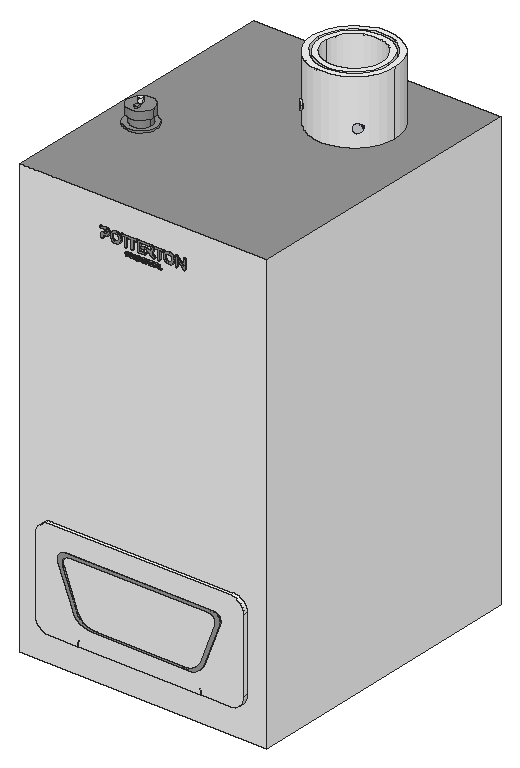
Revit family "Paramount_Five_115kW", category Mechanical Equipment, Revit 2020
Family settings
  Round Connector Dimension = Use Diameter
  Part Type = Normal
  OmniClass Number = 23.75.00.00
  OmniClass Title = Climate Control (HVAC)
  Work Plane-Based = No
  Always vertical = Yes
  Cut with Voids When Loaded = No
  Shared = No
  Room Calculation Point = No
Parameters
  top of display 2 = 198.48 mm
  top of display 1 = 210.9 mm
  cover right = 37.2 mm
  ridge at bottom of cover = 65.3 mm
  height from the floor [instance] = 1000 mm
  flue centre from side = 163 mm
  flue centre from back = 152 mm
  cover left = 37.2 mm
  control cover top = 248.1 mm
  bottom of display 2 = 90.97 mm
  bottom of display 1 = 99.2 mm
  bottom of cover = 53.8 mm
  _DistributedBy = ""
  _CurrentRevision = 0
  _CreatedBy = "http://www.pottertoncommercial.co.uk/"
  _BimstoreBibleVersion = ""
  _BimSpecGuid = 0
  _Author = "Hugo Opatovsky"  # constant formula
  Weekly = ""
  Water Treatment Required = yes
  Water Content = 0.006 m³
  WarrantyStartDate = ""
  WarrantyGuarantorParts = ""
  WarrantyGuarantorLabor = ""
  WarrantyDurationUnit = ""
  WarrantyDurationParts = ""
  WarrantyDurationLabor = ""
  WarrantyDescription = ""
  Warranty ID = ""
  Voltage = 230 V
  Uniclass2015 = "Pr_60_60_08"  # constant formula
  URL = "http://www.potterton.co.uk/"
  TypeName = ""
  Type Comments = ""
  Type = "Space heating"
  Turndown Ratio = "4.5:1"
  TagNumber = ""
  Supply Phase = 1
  Starting Current = 0 A
  SpareParts = ""
  Sound Pressure Level = "60 dBA"
  Size = ""
  Shipping Weight = 0.00 kg
  Shape = "Rectangular (Vertical)"
  Service Zone Dimensions [instance] = 0 mm
  Service Zone [instance] = yes
  SerialNumber = ""
  Safety Valve Connection Type = ""
  Safety Valve Connection Size = 0 mm
  Responsible Sourcing of Materials = ""
  Responsible Extraction of Materials = ""
  ReplacementCost = ""
  ReferencedStandard = ""
  Reference Standard = "EU/2016/426 GAR,  92/42/EEC"
  Rated Output = 119300 W
  Rated Criteria = "50/30"
  Quarterly = ""
  ProductionYear = ""
  Product Range = "Paramount Five 115kW"
  Product Model Number = "7702496"
  Product Literature = "https://www.pottertoncommercial.co.uk/literature-library"
  Primary Fuel = "Gas - NG"
  Overall Width = 480 mm
  Overall Length = 570 mm
  Overall Height = 852 mm
  Optional Fuel = "Gas - LPG"
  Operation and Maintenance Manual = "https://www.pottertoncommercial.co.uk/literature-library"
  Oil Consumption rate = 0.0 L/s
  NominalLength = 0 mm
  NominalHeight = 0 mm
  NominalDepth = 0 mm
  Nominal Oil Inlet Pressure = 0.0 Pa
  Nominal Gas Inlet Pressure = 1700.0 Pa
  NOx Emissions = 30
  NBSReference = "90-40-05/340"  # constant formula
  NBSOfficeMasterTag = ""
  NBSObjectName = ""
  NBSNote = ""
  NBSDescription = "Gas Fired Condensing Boiler"  # constant formula
  Mounting = "Wall Mounted"
  Monthly = ""
  ModelReference = ""
  ModelNumber = ""
  Minimum Power Consumption = 0 W
  Minimum Operating Pressure = 100000.0 Pa
  Minimum Oil Inlet Pressure = 0.0 Pa
  Minimum Gas Inlet Pressure = 1700.0 Pa
  Minimum Flow Rate at 20C temperature differential = 1.34 L/s
  Minimum Flow Rate at 11C temperature differential = 2.43 L/s
  Maximum Power Consumption = 200 W
  Maximum Operating Pressure = 400000.0 Pa
  Maximum Oil Inlet Pressure = 0.0 Pa
  Maximum Gas Inlet Pressure = 2500.0 Pa
  Material Ingredient Reporting = ""
  Material = ""
  ManufacturerName = "Potterton"  # constant formula
  Manufacturer Website = "https://www.pottertoncommercial.co.uk/"
  Manufacturer = "Potterton Commercial"  # constant formula
  Maintenance Required 8001 to 12000hrs = ""
  Maintenance Required 601 to 1000hrs = ""
  Maintenance Required 4001 to 8000hrs = ""
  Maintenance Required 301 to 600hrs = ""
  Maintenance Required 2001 to 4000hrs = ""
  Maintenance Required 1001 to 2000hrs = ""
  Maintenance Required 0 to 300hrs = ""
  Location of Manufacturer = ""
  Life Cycle Analysis = 0
  Keynote = "T32"
  Interlocks = yes
  InstallationDate = "please record on commissioning"
  IfcExportType = "NOTDEFINED"  # constant formula
  IfcExportAs = "IfcBoilerType"  # constant formula
  IP Rating Electrical Enclosure = ""
  IK Rating Electrical Enclosure = "X4D"
  Hydraulic Resistance at 20C temperature differential = 17800.0 Pa
  Hydraulic Resistance at 11C temperature differential = 55900.0 Pa
  Heating Return = 0 mm
  Heating Flow = 0 mm
  Heater Operation = "Condensing"
  Heat Exchanger Material = "Aluminium"
  Gross Weight = 84.00 kg
  Green Guide for Specification = ""
  Grade = ""
  Gas, F&R Centre = 80 mm
  Gas Flow = 0 mm
  Gas Consumption rate = 12.2
  Fuse Rating = 5 A
  Full Load Current = 0 A
  Fuel Connection Type = "Threaded"
  Fuel Connection Size = 25 mm
  Frequency = 50 Hz
  Flue or Air Intake Classification = "B23,B23P,B33, C13X, C33X,C43X,C53,C53X, C63X,C83,C93X"
  Flue Connection size = 110 mm
  Flow and Return Connection Type = "Threaded"
  Flow and Return Connection Size = 40 mm
  Finish = "Powder coated"
  Features = "The new generation Paramount Five is a wall hung condensing gas boiler that's meticulously design using the latest tried and tested technology to maximise efficiency. Manufactured to the latest ISO standards, all outputs exceed the requirements of Building Regulations Part L, delivering exceptional energy efficiency and ultra low NOX emissions"
  Extidentifier = ""
  External Material = "Steel"
  ExpectedLife = 15
  Expected Life = 15
  ErP Seasonal Efficiency = 0
  ErP Rated Efficiency at Part Load = 97.8
  ErP Rated Efficiency at Full Load = 93.5
  ErP Energy Label = "0"
  Environmental Product Declaration = ""
  Energy Technology List = ""
  Embodied Carbon = 0
  DurationUnit = "Years"
  Drain Connection Type = ""
  Drain Connection Size = 0 mm
  DocumentationTechnical = ""
  DocumentationMaintenance = ""
  DocumentationLiterature = ""
  DocumentationInstallationGuide = ""
  DocumentationCertificates = ""
  Default Elevation = 0 mm
  Daily = ""
  CreatedOn = ""
  CreatedBy = ""
  Control Type = "0 - 10V, Volt free enable, Direct boiler weather compensating control system. Modbus & BACNet available from Potterton"
  Constituents = ""
  Configuration = "Single boiler"
  Condensate Out = 0 mm
  Condensate Drain Type = "Plain"
  Condensate Drain Size = 25 mm
  Condensate Centre = 50 mm
  Colour = "BDR White (no RAL number)"
  Color = ""
  CodePerformance = ""
  Clearance zone [instance] = yes
  ClassificationValue = "Pr_60_60_08_34"  # constant formula
  ClassificationName = "Uniclass2015"  # constant formula
  CE Mark = "0085BL0514"
  Burner Control Type = "Modulating"
  Building Regulations Seasonal Efficiency = 95.7
  Bespoke Timeframe = ""
  BarCode = ""
  BMS Links = yes
  BIMObjectName = ""
  AssetType = "Fixed"  # constant formula
  AssetIdentifier = ""
  Assembly Code = "D3020100"
  Annually = "As per attached URL O & M Manual"
  Air Inlet Connection Size = 160 mm
  Additional Technical Details = ""
  AccessibilityPerformance = ""
  Access Clearance Top = 400 mm
  Access Clearance Right = 20 mm
  Access Clearance Rear = 0 mm
  Access Clearance Left = 20 mm
  Access Clearance Front = 600 mm
  Access Clearance Bottom = 500 mm
  6 Monthly = ""
Reference planes
  plane 1 "Center (Front/Back)": y = 0
  plane 2: z = 0
  plane 3 "Center (Left/Right)": x = 0
  plane 4 "Boiler left": x = -240
  plane 5 "Boiler right": x = 240
  plane 6 "Boiler Bottom": z = 1000
  plane 7 "Boiler top": z = 1852
  plane 8 "Boiler front": y = -570
  plane 9: y = -152
  plane 10: x = 77
  plane 11 "control cover top": z = 1248.1
  plane 12 "top of display": z = 1210.9
  plane 13 "top of display 2": z = 1198.48
  plane 14 "bottom of display 1": z = 1099.2
  plane 15 "bottom of display 2": z = 1090.97
  plane 16 "ridge at bottom of cover": z = 1065.3
  plane 17 "bottom of cover": z = 1053.8
  plane 18: x = -202.8
  plane 19: x = 202.8
  plane 20 "rid lip left": x = -120
  plane 21 "rid lip right": x = 120
  plane 22: x = -165.4
  plane 23: x = 165.4
  plane 24: y = -356.789
  plane 25: x = -175.275
  plane 26 "PRV - bottom of top": z = 1871
  plane 27 "PRV bottom ridge": z = 1871
  plane 28 "PRV - Top ridge": z = 1886
  plane 29 "PRV - Top of Hexagon": z = 1888
  plane 30 "Back connection": y = -50
  plane 31 "Front connections": y = -80
  plane 32: x = -189
  plane 33: x = -130
  plane 34: x = 130
  plane 35: x = 0
  plane 36: z = 1020
  plane 37: z = 1826.432
  plane 38: z = 1851
  plane 39 "PRV - Bottom of cap": z = 1890
  plane 40 "Boiler bottom lip": z = 980
  plane 41 "Boiler top lip": z = 1871
  plane 42 "front of cover": y = -580
  plane 43 "clearance left": x = -260
  plane 44 "clearance bottom": z = 480
  plane 45 "clearance right": x = 260
  plane 46 "clearance top": z = 2271
  plane 47 "clearance front": y = -1170
  plane 48: y = -268.8
  plane 49: y = -239.8
  plane 50: x = -82.87
  plane 51: x = -66.3
  plane 52: x = -53.9
  plane 53: x = -37.38
  plane 54: x = -20.8
  plane 55: x = -6.8
  plane 56: x = 9
  plane 57: x = 23
  plane 58: x = 40
  plane 59: x = -99.4
  plane 60: x = 53.6
Forms (mm)
  Extrusion 1, solid, material "Baxi Boiler White"
    sketch origin (0, 0, 1000) x (-1, 0, 0) y (0, -1, 0)
      loop
        line (240, 0) -> (240, 570) -> (-240, 570) -> (-240, 0) -> (240, 0)
    from 0 to 852
  Extrusion 2, solid, material "Default"
    sketch origin (-0.562, -570, 0.519) x (-1, 0, 0) y (0, 0, 1)
      loop
        line (177.8, 1248.1) -> (-177.8, 1248.1)
        arc (-177.8, 1248.1) -> (-195.478, 1240.778) -> (-202.8, 1223.1) r 25
        line (-202.8, 1223.1) -> (-202.8, 1078.8)
        arc (-202.8, 1078.8) -> (-195.478, 1061.122) -> (-177.8, 1053.8) r 25
        line (-177.8, 1053.8) -> (177.8, 1053.8)
        arc (177.8, 1053.8) -> (195.478, 1061.122) -> (202.8, 1078.8) r 25
        line (202.8, 1078.8) -> (202.8, 1223.1)
        arc (202.8, 1223.1) -> (195.478, 1240.778) -> (177.8, 1248.1) r 25
    from 0 to -8
  Extrusion 3, void
    sketch origin (-0.562, -570, 0.519) x (-1, 0, 0) y (0, 0, 1)
      loop
        arc (120, 1060.3) -> (118.536, 1063.836) -> (115, 1065.3) r 5
        line (115, 1065.3) -> (-115, 1065.3)
        arc (-115, 1065.3) -> (-118.536, 1063.836) -> (-120, 1060.3) r 5
        line (-120, 1060.3) -> (-120, 1057.684) -> (-119, 1057.684) -> (-119, 1060.3)
        arc (-119, 1060.3) -> (-117.828, 1063.128) -> (-115, 1064.3) r 4
        line (-115, 1064.3) -> (115, 1064.3)
        arc (115, 1064.3) -> (117.828, 1063.128) -> (119, 1060.3) r 4
        line (119, 1060.3) -> (119, 1057.684) -> (120, 1057.684) -> (120, 1060.3)
      loop
        line (119, 1053.8) -> (120, 1053.8) -> (120, 1057.05) -> (119, 1057.05) -> (119, 1053.8)
      loop
        line (-120, 1053.8) -> (-119, 1053.8) -> (-119, 1057.05) -> (-120, 1057.05) -> (-120, 1053.8)
    from 0 to -8
  Extrusion 4, solid, material "Default"
    sketch origin (0.722, -580, -0.85) x (0, 0, 1) y (-1, 0, 0)
      loop
        arc (1211.419, 144.245) -> (1204.944, 156.587) -> (1191.109, 158.273) r 15
        line (1191.109, 158.273) -> (1117.328, 130.343)
        arc (1117.328, 130.343) -> (1098.577, 115.667) -> (1091.489, 92.934) r 40
        line (1091.489, 92.934) -> (1091.489, -96.81)
        arc (1091.489, -96.81) -> (1098.739, -117.534) -> (1117.328, -129.219) r 33.245
        line (1117.328, -129.219) -> (1191.109, -157.149)
        arc (1191.109, -157.149) -> (1204.944, -155.463) -> (1211.419, -143.121) r 15
        line (1211.419, -143.121) -> (1211.419, 144.245)
      loop
        arc (1206.614, 135.368) -> (1200.544, 146.938) -> (1187.574, 148.518) r 14.061
        line (1187.574, 148.518) -> (1118.41, 122.336)
        arc (1118.41, 122.336) -> (1100.833, 108.578) -> (1094.189, 87.268) r 37.497
        line (1094.189, 87.268) -> (1094.189, -90.942)
        arc (1094.189, -90.942) -> (1100.998, -110.237) -> (1118.41, -120.984) r 30.742
        line (1118.41, -120.984) -> (1187.574, -147.167)
        arc (1187.574, -147.167) -> (1200.544, -145.586) -> (1206.614, -134.016) r 14.061
        line (1206.614, -134.016) -> (1206.614, 135.368)
    from 0 to 0.8
  Extrusion 5, solid, material "Rubber"
    sketch origin (0, 0, 1852) x (-1, 0, 0) y (0, -1, 0)
      loop
        circle (175.275, 356.789) r 30
      loop
        circle (175.275, 356.789) r 20.5
    from 0 to 3
  Extrusion 6, solid, material "Brass"
    sketch origin (0, 0, 1000) x (-1, 0, 0) y (0, -1, 0)
      loop
        circle (189, 50) r 12.5
      loop
        circle (130, 80) r 19
      loop
        circle (0, 80) r 12.5
      loop
        circle (-130, 80) r 19
      loop
        circle (189, 50) r 10
      loop
        circle (130, 80) r 16.783
      loop
        circle (0, 80) r 10
      loop
        circle (-130, 80) r 16.817
    from 0 to -8
  Extrusion 7, solid, not visible
    sketch origin (-840, -542, 0) x (-1, 0, 0) y (0, 0, 1)
      loop
        line (177.8, 1248.1) -> (-177.8, 1248.1)
        arc (-177.8, 1248.1) -> (-195.478, 1240.778) -> (-202.8, 1223.1) r 25
        line (-202.8, 1223.1) -> (-202.8, 1078.8)
        arc (-202.8, 1078.8) -> (-195.478, 1061.122) -> (-177.8, 1053.8) r 25
        line (-177.8, 1053.8) -> (177.8, 1053.8)
        arc (177.8, 1053.8) -> (195.478, 1061.122) -> (202.8, 1078.8) r 25
        line (202.8, 1078.8) -> (202.8, 1223.1)
        arc (202.8, 1223.1) -> (195.478, 1240.778) -> (177.8, 1248.1) r 25
    from 0 to -8
  Extrusion 8, void, not visible
    sketch origin (-840, -542, 0) x (-1, 0, 0) y (0, 0, 1)
      loop
        arc (120, 1060.3) -> (118.536, 1063.836) -> (115, 1065.3) r 5
        line (115, 1065.3) -> (-115, 1065.3)
        arc (-115, 1065.3) -> (-118.536, 1063.836) -> (-120, 1060.3) r 5
        line (-120, 1060.3) -> (-120, 1057.684) -> (-119, 1057.684) -> (-119, 1060.3)
        arc (-119, 1060.3) -> (-117.828, 1063.128) -> (-115, 1064.3) r 4
        line (-115, 1064.3) -> (115, 1064.3)
        arc (115, 1064.3) -> (117.828, 1063.128) -> (119, 1060.3) r 4
        line (119, 1060.3) -> (119, 1057.684) -> (120, 1057.684) -> (120, 1060.3)
      loop
        line (119, 1053.8) -> (120, 1053.8) -> (120, 1057.05) -> (119, 1057.05) -> (119, 1053.8)
      loop
        line (-120, 1053.8) -> (-119, 1053.8) -> (-119, 1057.05) -> (-120, 1057.05) -> (-120, 1053.8)
    from 0 to -8
  Extrusion 9, solid, not visible
    sketch origin (-840, -542, 0) x (-1, 0, 0) y (0, 0, 1)
      loop
        line (143.683, 1210.9) -> (-143.683, 1210.9)
        arc (-143.683, 1210.9) -> (-156.025, 1204.425) -> (-157.711, 1190.589) r 15
        line (-157.711, 1190.589) -> (-129.781, 1116.809)
        arc (-129.781, 1116.809) -> (-115.105, 1098.058) -> (-92.372, 1090.97) r 40
        line (-92.372, 1090.97) -> (92.372, 1090.97)
        arc (92.372, 1090.97) -> (115.105, 1098.058) -> (129.781, 1116.809) r 40
        line (129.781, 1116.809) -> (157.711, 1190.589)
        arc (157.711, 1190.589) -> (156.025, 1204.425) -> (143.683, 1210.9) r 15
      loop
        line (134.806, 1206.095) -> (-134.578, 1206.095)
        arc (-134.578, 1206.095) -> (-146.148, 1200.025) -> (-147.729, 1187.055) r 14.061
        line (-147.729, 1187.055) -> (-121.546, 1117.891)
        arc (-121.546, 1117.891) -> (-107.788, 1100.314) -> (-86.478, 1093.67) r 37.497
        line (-86.478, 1093.67) -> (86.706, 1093.67)
        arc (86.706, 1093.67) -> (108.016, 1100.314) -> (121.774, 1117.891) r 37.497
        line (121.774, 1117.891) -> (147.956, 1187.055)
        arc (147.956, 1187.055) -> (146.375, 1200.025) -> (134.806, 1206.095) r 14.061
    from 0 to -9
  Extrusion 10, solid, material "Aluminum 6061"
    sketch origin (0, 0, 1852) x (-1, 0, 0) y (0, -1, 0)
      loop
        circle (175.275, 356.789) r 20
    from 0 to 20
  Extrusion 11, solid, material "Aluminum 6061"
    sketch origin (0, 0, 1871) x (-1, 0, 0) y (0, -1, 0)
      loop
        circle (175.275, 356.789) r 25
    from 0 to 15
  Extrusion 12, solid, material "Aluminum 6061"
    sketch origin (0, 0, 1886) x (-1, 0, 0) y (0, -1, 0)
      loop
        line (175.275, 361.789) -> (179.605, 364.289) -> (179.605, 369.289) -> (175.275, 371.789) -> (170.945, 369.289) -> (170.945, 364.289) -> (175.275, 361.789)
    from 0 to 2
  Extrusion 13, solid, material "Steel, High Strength, Low Alloy"
    sketch origin (0, 0, 1888) x (-1, 0, 0) y (0, -1, 0)
      loop
        circle (175.275, 356.789) r 2.972
    from 0 to 2
  Extrusion 14, solid, material "PVC, Flexible RED CAP"
    sketch origin (0, 0, 1890) x (-1, 0, 0) y (0, -1, 0)
      loop
        circle (175.275, 356.789) r 4.501
    from 0 to 7
  Extrusion 15, void
    sketch origin (0, 0, 480) x (-1, 0, 0) y (0, -1, 0)
      loop
        line (260, 0) -> (260, 1170) -> (-260, 1170) -> (-260, 0) -> (260, 0)
    from 0 to 1791
  Extrusion 16, solid, material "Rubber"
    sketch origin (0, 0, 1000) x (-1, 0, 0) y (0, -1, 0)
      loop
        circle (99.4, 268.8) r 10
      loop
        circle (82.87, 239.8) r 10
      loop
        circle (66.3, 268.8) r 10
      loop
        circle (53.9, 239.8) r 10
      loop
        circle (37.38, 268.8) r 10
      loop
        circle (20.8, 239.8) r 10
      loop
        circle (6.8, 268.8) r 10
      loop
        circle (-9, 239.8) r 10
      loop
        circle (-23, 268.8) r 10
      loop
        circle (-40, 239.8) r 10
      loop
        circle (-53.6, 268.8) r 10
    from 0 to -3
Cuts and joins
  Extrusion 3 cuts Extrusion 1
  Extrusion 3 cuts Extrusion 2
  joined: Extrusion 2, Extrusion 4
Lines and regions (mm)
  model lines, style "Clearance Zones"
    curve 1: line (-260, 0, 480) -> (260, 0, 480)
    curve 2: line (-260, -1170, 480) -> (-260, 0, 480)
    curve 3: line (260, -1170, 480) -> (-260, -1170, 480)
    curve 4: line (260, 0, 480) -> (260, -1170, 480)
    curve 5: line (-260, 0, 2271) -> (260, 0, 2271)
    curve 6: line (-260, -1170, 2271) -> (-260, 0, 2271)
    curve 7: line (260, -1170, 2271) -> (-260, -1170, 2271)
    curve 8: line (260, 0, 2271) -> (260, -1170, 2271)
    curve 9: line (-260, 0, 2271) -> (-260, 0, 480)
    curve 10: line (-260, -1170, 2271) -> (-260, -1170, 480)
    curve 11: line (260, 0, 2271) -> (260, 0, 480)
    curve 12: line (260, -1170, 2271) -> (260, -1170, 480)
Dimensions and locks
  equal spacing: plane 4 "Boiler left", plane 3 "Center (Left/Right)", plane 5 "Boiler right"
  "Overall Length": plane 8 "Boiler front" to plane 1 "Center (Front/Back)"
  "Overall Width": plane 4 "Boiler left" to plane 5 "Boiler right"
  plane 6 "Boiler Bottom" to level = 1000 mm
  "Overall Height": plane 7 "Boiler top" to plane 6 "Boiler Bottom"
  "flue centre from back": plane 1 "Center (Front/Back)" to plane 9
  "flue centre from side": plane 10 to plane 5 "Boiler right"
  "control cover top": plane 11 "control cover top" to plane 6 "Boiler Bottom"
  "top of display 1": plane 12 "top of display" to plane 6 "Boiler Bottom"
  "top of display 2": plane 13 "top of display 2" to plane 6 "Boiler Bottom"
  "bottom of display 1": plane 14 "bottom of display 1" to plane 6 "Boiler Bottom"
  "bottom of display 2": plane 15 "bottom of display 2" to plane 6 "Boiler Bottom"
  "ridge at bottom of cover": plane 16 "ridge at bottom of cover" to plane 6 "Boiler Bottom"
  "bottom of cover": plane 17 "bottom of cover" to plane 6 "Boiler Bottom"
  plane 10 to plane 19 to plane 5 "Boiler right" = 125.8 mm, 37.2 mm
  "cover left": plane 18 to plane 4 "Boiler left"
  "cover right": plane 5 "Boiler right" to plane 19
  plane 23 to plane 3 "Center (Left/Right)" to plane 22 = 165.4 mm, 165.4 mm
  plane 24 to plane 8 "Boiler front" = 213.211 mm
  plane 4 "Boiler left" to plane 25 = 64.725 mm
  "Gas, F&R Centre": plane 31 "Front connections" to plane 1 "Center (Front/Back)"
  "Condensate Centre": plane 30 "Back connection" to plane 1 "Center (Front/Back)"
  equal spacing: cut or joined group of Extrusion 1, Extrusion 3, plane 35, cut or joined group of Extrusion 1, Extrusion 3
  plane 34 to plane 35 = 130 mm
  plane 35 to plane 33 = 130 mm
  plane 33 to plane 32 = 59 mm
  plane 36 to plane 6 "Boiler Bottom" = 20 mm
  cut or joined group of Extrusion 1, Extrusion 3 to plane 38 = 1 mm
  "Access Clearance Right": plane 45 "clearance right" to plane 5 "Boiler right"
  "Access Clearance Bottom": plane 40 "Boiler bottom lip" to plane 44 "clearance bottom"
  "Access Clearance Left": plane 4 "Boiler left" to plane 43 "clearance left"
  "Access Clearance Top": plane 46 "clearance top" to plane 41 "Boiler top lip"
  "Access Clearance Front": plane 8 "Boiler front" to plane 47 "clearance front"
  plane 49 to plane 1 "Center (Front/Back)" = 239.8 mm
  plane 48 to plane 1 "Center (Front/Back)" = 268.8 mm
  locked: plane 59 to plane 4 "Boiler left" at 140.6
  locked: plane 50 to plane 4 "Boiler left" at 157.13
  plane 51 to plane 4 "Boiler left" = 173.7 mm
  locked: plane 52 to plane 4 "Boiler left" at 186.1
  locked: plane 53 to plane 4 "Boiler left" at 202.62
  locked: plane 54 to plane 4 "Boiler left" at 219.2
  locked: plane 55 to plane 4 "Boiler left" at 233.2
  locked: plane 56 to plane 4 "Boiler left" at 249
  locked: plane 57 to plane 4 "Boiler left" at 263
  locked: plane 58 to plane 4 "Boiler left" at 280
  locked: plane 60 to plane 4 "Boiler left" at 293.6
  aligned and locked: level to plane 2
  aligned and locked: plane 5 "Boiler right" to Extrusion 1
  aligned and locked: Extrusion 1 to plane 6 "Boiler Bottom"
  aligned and locked: plane 7 "Boiler top" to Extrusion 1
  aligned and locked: Extrusion 1 to plane 4 "Boiler left"
  aligned and locked: Extrusion 1 to plane 1 "Center (Front/Back)"
  aligned and locked: Extrusion 1 to plane 8 "Boiler front"
  aligned and locked: nested 1 to plane 10
  aligned and locked: nested 1 to plane 9
  aligned and locked: Extrusion 15 to plane 47 "clearance front"
  aligned and locked: plane 46 "clearance top" to Extrusion 15
  aligned and locked: Extrusion 15 to plane 44 "clearance bottom"
  aligned and locked: Extrusion 15 to plane 1 "Center (Front/Back)"
  aligned and locked: curve 1 to Extrusion 15
  aligned and locked: curve 2 to Extrusion 15
  aligned and locked: curve 3 to Extrusion 15
  aligned and locked: curve 4 to Extrusion 15
Automatic sketch dimensions
  plane 1 "Center (Front/Back)" to Extrusion 1 sketch curve = 0 mm
  Extrusion 1 sketch curve to plane 5 "Boiler right" = 0 mm
  Extrusion 1 sketch curve to plane 4 "Boiler left" = 0 mm
  Extrusion 1 sketch curve to plane 8 "Boiler front" = 0 mm
  Extrusion 3 sketch curve to Extrusion 3 sketch curve = 0 mm  (x13)
  Extrusion 3 sketch curve to Extrusion 3 sketch curve = 3.25 mm  (x2)
  Extrusion 3 sketch curve to Extrusion 3 sketch curve = 0.634 mm  (x2)
  Extrusion 3 sketch curve to Extrusion 3 sketch curve = 2.616 mm
  Extrusion 5 sketch curve to Extrusion 5 sketch curve = 0 mm  (x2)
  Extrusion 5 sketch curve to plane 24 = 0 mm
  Extrusion 5 sketch curve to plane 25 = 0 mm
  Extrusion 6 sketch curve to Extrusion 6 sketch curve = 0 mm  (x8)
  plane 31 "Front connections" to Extrusion 6 sketch curve = 0 mm  (x3)
  Extrusion 6 sketch curve to plane 34 = 0 mm
  Extrusion 6 sketch curve to plane 3 "Center (Left/Right)" = 0 mm
  Extrusion 6 sketch curve to plane 33 = 0 mm
  plane 30 "Back connection" to Extrusion 6 sketch curve = 0 mm
  Extrusion 6 sketch curve to plane 32 = 0 mm
  Extrusion 2 sketch curve to Extrusion 2 sketch curve = 25 mm  (x3)
  Extrusion 2 sketch curve to Extrusion 2 sketch curve = 355.6 mm
  Extrusion 2 sketch curve to Extrusion 2 sketch curve = 0 mm
  Extrusion 2 sketch curve to Extrusion 2 sketch curve = 144.3 mm
  Extrusion 3 sketch curve to Extrusion 3 sketch curve = 1 mm
  Extrusion 3 sketch curve to Extrusion 3 sketch curve = 4 mm  (x2)
  Extrusion 3 sketch curve to Extrusion 3 sketch curve = 230 mm
  Extrusion 8 sketch curve to Extrusion 8 sketch curve = 0 mm  (x13)
  Extrusion 8 sketch curve to Extrusion 8 sketch curve = 3.25 mm  (x2)
  Extrusion 8 sketch curve to Extrusion 8 sketch curve = 0.634 mm  (x2)
  Extrusion 8 sketch curve to Extrusion 8 sketch curve = 2.616 mm
  Extrusion 9 sketch curve to Extrusion 9 sketch curve = 14.028 mm
  Extrusion 9 sketch curve to Extrusion 9 sketch curve = 14.061 mm  (x2)
  Extrusion 9 sketch curve to Extrusion 9 sketch curve = 60.867 mm  (x2)
  Extrusion 9 sketch curve to Extrusion 9 sketch curve = 13.275 mm
  Extrusion 7 sketch curve to Extrusion 7 sketch curve = 25 mm  (x3)
  Extrusion 7 sketch curve to Extrusion 7 sketch curve = 355.6 mm
  Extrusion 7 sketch curve to Extrusion 7 sketch curve = 0 mm
  Extrusion 7 sketch curve to Extrusion 7 sketch curve = 144.3 mm
  Extrusion 8 sketch curve to Extrusion 8 sketch curve = 1 mm
  Extrusion 8 sketch curve to Extrusion 8 sketch curve = 4 mm  (x2)
  Extrusion 8 sketch curve to Extrusion 8 sketch curve = 230 mm
  Extrusion 9 sketch curve to Extrusion 9 sketch curve = 4.046 mm
  Extrusion 9 sketch curve to Extrusion 9 sketch curve = 9.105 mm
  Extrusion 9 sketch curve to Extrusion 9 sketch curve = 17.947 mm
  Extrusion 9 sketch curve to Extrusion 9 sketch curve = 8.235 mm
  Extrusion 9 sketch curve to Extrusion 9 sketch curve = 29.174 mm
  Extrusion 9 sketch curve to Extrusion 9 sketch curve = 5.894 mm
  Extrusion 9 sketch curve to Extrusion 9 sketch curve = 173.184 mm
  Extrusion 9 sketch curve to Extrusion 9 sketch curve = 5.666 mm
  Extrusion 9 sketch curve to Extrusion 9 sketch curve = 29.402 mm
  Extrusion 9 sketch curve to Extrusion 9 sketch curve = 8.007 mm
  Extrusion 9 sketch curve to Extrusion 9 sketch curve = 42.434 mm
  Extrusion 9 sketch curve to Extrusion 9 sketch curve = 8.877 mm
  Extrusion 9 sketch curve to Extrusion 9 sketch curve = 4.273 mm
  Extrusion 9 sketch curve to Extrusion 9 sketch curve = 9.755 mm
  Extrusion 9 sketch curve to Extrusion 9 sketch curve = 2.7 mm
  Extrusion 9 sketch curve to Extrusion 9 sketch curve = 1.083 mm  (x2)
  Extrusion 9 sketch curve to Extrusion 9 sketch curve = 3.534 mm  (x2)
  Extrusion 9 sketch curve to Extrusion 9 sketch curve = 3.866 mm
  Extrusion 10 sketch curve to plane 24 = 0 mm
  Extrusion 10 sketch curve to plane 25 = 0 mm
  Extrusion 11 sketch curve to plane 24 = 0 mm
  Extrusion 11 sketch curve to plane 25 = 0 mm
  Extrusion 13 sketch curve to plane 24 = 0 mm
  Extrusion 13 sketch curve to plane 25 = 0 mm
  Extrusion 14 sketch curve to plane 24 = 0 mm
  Extrusion 14 sketch curve to plane 25 = 0 mm
  Extrusion 2 sketch curve to plane 19 = 0.562 mm
  plane 17 "bottom of cover" to Extrusion 2 sketch curve = 0.519 mm
  Extrusion 3 sketch curve to plane 21 "rid lip right" = 0.562 mm
  plane 17 "bottom of cover" to Extrusion 3 sketch curve = 0.519 mm
  Extrusion 4 sketch curve to plane 15 "bottom of display 2" = 0.331 mm
  plane 15 "bottom of display 2" to Extrusion 4 sketch curve = 2.369 mm
  Extrusion 4 sketch curve to plane 34 = 0.059 mm
  plane 14 "bottom of display 1" to Extrusion 4 sketch curve = 17.278 mm  (x2)
  plane 33 to Extrusion 4 sketch curve = 0.378 mm
  Extrusion 4 sketch curve to plane 20 "rid lip left" = 1.614 mm
  Extrusion 4 sketch curve to Extrusion 4 sketch curve = 1.083 mm  (x2)
  plane 21 "rid lip right" to Extrusion 4 sketch curve = 1.706 mm
  plane 10 to Extrusion 4 sketch curve = 20.532 mm
  plane 20 "rid lip left" to Extrusion 4 sketch curve = 27.787 mm
  Extrusion 4 sketch curve to Extrusion 4 sketch curve = 0.197 mm  (x2)
  Extrusion 4 sketch curve to plane 13 "top of display 2" = 11.755 mm  (x2)
  Extrusion 4 sketch curve to plane 13 "top of display 2" = 8.221 mm  (x2)
  Extrusion 4 sketch curve to plane 13 "top of display 2" = 6.777 mm  (x2)
  Extrusion 4 sketch curve to plane 13 "top of display 2" = 2.911 mm  (x2)
  Extrusion 4 sketch curve to plane 12 "top of display" = 5.136 mm
  Extrusion 4 sketch curve to plane 12 "top of display" = 0.331 mm
  plane 34 to Extrusion 4 sketch curve = 4.738 mm
  Extrusion 4 sketch curve to Extrusion 4 sketch curve = 9.105 mm
  Extrusion 4 sketch curve to plane 33 = 4.646 mm
  Extrusion 4 sketch curve to Extrusion 4 sketch curve = 8.877 mm
  plane 1 "Center (Front/Back)" to Extrusion 15 sketch curve = 0 mm
  Extrusion 15 sketch curve to plane 45 "clearance right" = 0 mm
  Extrusion 15 sketch curve to plane 43 "clearance left" = 0 mm
  plane 47 "clearance front" to Extrusion 15 sketch curve = 0 mm
  plane 1 "Center (Front/Back)" to curve 5 = 0 mm
  curve 5 to plane 45 "clearance right" = 0 mm
  curve 7 to plane 43 "clearance left" = 0 mm
  curve 7 to plane 47 "clearance front" = 0 mm
  curve 9 to plane 1 "Center (Front/Back)" = 0 mm
  curve 9 to plane 44 "clearance bottom" = 0 mm
  curve 10 to plane 44 "clearance bottom" = 0 mm
  curve 10 to plane 46 "clearance top" = 0 mm
  curve 9 to plane 46 "clearance top" = 0 mm
  curve 10 to plane 47 "clearance front" = 0 mm
  curve 12 to plane 46 "clearance top" = 0 mm
  curve 11 to plane 1 "Center (Front/Back)" = 0 mm
  curve 11 to plane 46 "clearance top" = 0 mm
  curve 12 to plane 44 "clearance bottom" = 0 mm
  curve 11 to plane 44 "clearance bottom" = 0 mm
  curve 12 to plane 47 "clearance front" = 0 mm
  plane 48 to Extrusion 16 sketch curve = 0 mm  (x6)
  Extrusion 16 sketch curve to plane 60 = 0 mm
  plane 49 to Extrusion 16 sketch curve = 0 mm  (x5)
  Extrusion 16 sketch curve to plane 58 = 0 mm
  Extrusion 16 sketch curve to plane 57 = 0 mm
  Extrusion 16 sketch curve to plane 56 = 0 mm
  Extrusion 16 sketch curve to plane 55 = 0 mm
  Extrusion 16 sketch curve to plane 54 = 0 mm
  Extrusion 16 sketch curve to plane 53 = 0 mm
  Extrusion 16 sketch curve to plane 52 = 0 mm
  Extrusion 16 sketch curve to plane 51 = 0 mm
  Extrusion 16 sketch curve to plane 50 = 0 mm
  Extrusion 16 sketch curve to plane 59 = 0 mm
  radius of Extrusion 5 sketch curve = 30 mm
  radius of Extrusion 5 sketch curve = 20.5 mm
  radius of Extrusion 6 sketch curve = 12.5 mm  (x2)
  radius of Extrusion 6 sketch curve = 19 mm  (x2)
  radius of Extrusion 6 sketch curve = 10 mm  (x2)
  radius of Extrusion 6 sketch curve = 16.783 mm
  radius of Extrusion 6 sketch curve = 16.817 mm
  radius of Extrusion 10 sketch curve = 20 mm
  radius of Extrusion 11 sketch curve = 25 mm
  radius of Extrusion 13 sketch curve = 2.972 mm
  radius of Extrusion 14 sketch curve = 4.501 mm
  radius of Extrusion 16 sketch curve = 10 mm  (x11)
Nested families
  nested 1: "Flue Connection X" at (77, -152, 1852), type "Flue Connection X"
  nested 2: "Potterton Logo XL commercial" at (0, -570, 1789.769) x (1, 0, 0) z (0, -1, 0), type "Potterton Logo XL commercial"
Connectors
  piping at (-130, -80, 992), diameter 38, driven by "Flow and Return Connection Type"
    settings: on Extrusion 6, index 1, connector inside diameter 609.6 mm, connector length 0 mm, flow factor 0, pipe flow 0.0 L/s, pressure drop 0.0 Pa, fitting loss kfactor 0, connector angle 0.00°, fixture units 0, engagement length 0 mm, angle of deflection 0.00°, flow configuration 0, flow direction 2, fitting loss method 0, system type 7, joint type 0, gender type 0, connector reference index -1, connector utility 0, adjustable connector no, is connector primary yes, connector description "Threaded"
  piping at (0, -80, 992), diameter 25, driven by "Fuel Connection Size"
    settings: on Extrusion 6, index 2, connector inside diameter 609.6 mm, connector length 0 mm, flow factor 0, pipe flow 0.0 L/s, pressure drop 0.0 Pa, fitting loss kfactor 0, connector angle 0.00°, fixture units 0, engagement length 0 mm, angle of deflection 0.00°, flow configuration 0, flow direction 1, fitting loss method 0, system type 22, joint type 0, gender type 0, connector reference index -1, connector utility 0, adjustable connector no, is connector primary no, connector description ""
  piping at (-189, -50, 992), driven by "Drain Connection Type", driven by "Drain Connection Size"
    settings: on Extrusion 6, index 3, connector diameter 0 mm, connector inside diameter 609.6 mm, connector length 0 mm, flow factor 0, pipe flow 0.0 L/s, pressure drop 0.0 Pa, fitting loss kfactor 0, connector angle 0.00°, fixture units 0, engagement length 0 mm, angle of deflection 0.00°, flow configuration 0, flow direction 2, fitting loss method 0, system type 16, joint type 0, gender type 0, connector reference index -1, connector utility 0, adjustable connector no, is connector primary no, connector description ""
  piping at (130, -80, 992), diameter 38, driven by "Flow and Return Connection Type"
    settings: on Extrusion 6, index 4, connector inside diameter 609.6 mm, connector length 0 mm, flow factor 0, pipe flow 0.0 L/s, pressure drop 0.0 Pa, fitting loss kfactor 0, connector angle 0.00°, fixture units 0, engagement length 0 mm, angle of deflection 0.00°, flow configuration 0, flow direction 1, fitting loss method 0, system type 8, joint type 0, gender type 0, connector reference index -1, connector utility 0, adjustable connector no, is connector primary no, connector description "Threaded"
  hvac at (76.5, -152, 1976), driven by "Flue Connection size", driven by "Flue or Air Intake Classification"
    settings: on nested 1, index 5, duct flow 0.0 L/s, flow factor 0, pres drop 0.0 Pa, loss coef 0, conn angle 0.00°, conn width 304.8 mm, conn height 304.8 mm, conn diameter 110 mm, duct sys type 3, conn prof type 0, flow config 0, flow direction 0, loss method 0, conn ref index -1, conn util no, is conn primary yes, conn desc "B23,B23P,B33, C13X, C33X,C43X,C53,C53X, C63X,C83,C93X"
Definition of nested family "Flue Connection X"
  Parameters (values of type "Flue Connection X")
    Default Elevation = 1219.2 mm
  Reference planes
    plane 1 "Center (Front/Back)": y = 0
    plane 2: z = 0
    plane 3 "Center (Left/Right)": x = 0
  Forms (mm)
    Extrusion 1, solid
      sketch origin (0, 0, 0) x (1, 0, 0) y (0, 1, 0)
        loop
          line (-1219.2, 1219.2) -> (-1219.2, -1219.2) -> (1219.2, -1219.2) -> (1219.2, 1219.2) -> (-1219.2, 1219.2)
      from 0 to -304.8
  Dimensions and locks
    aligned and locked: plane 2 to Extrusion 1
    aligned and locked: level to Extrusion 1
  Nested families
    nested 1: "Flue Connection (paramount 4)" at (0, 0, 0), type "Flue Connection (paramount 4)"
      with Wall Fixed yes, Show Clearance Zone no, Service Zone Dim 5 mm, Service Zone no, Height off Floor 1100 mm, Flue Duct Connection Size 125 mm, Flue 125 yes, Flue 100 no, Clearance Zone yes, Boiler Stand Off Bracket no
  Definition of nested family "Flue Connection (paramount 4)"
    Parameters (values of type "Flue Connection (paramount 4)")
      _DistributedBy = "https://www.bimstore.co.uk/"
      _CurrentRevision = 1  # constant formula
      _CreatedBy = "http://www.potterton.co.uk/"
      _BimstoreBibleVersion = "14"  # constant formula
      _BimSpecGuid = 0
      _Author = "Trevour Carty"  # constant formula
      Weekly = ""
      Web = 2 mm
      Water Treatment Required = yes
      Water Content = 2.50 m³
      WarrantyStartDate = "please record on commissioning"
      WarrantyGuarantorParts = "+44 344 871 1545"  # constant formula
      WarrantyGuarantorLabor = ""
      WarrantyDurationUnit = "years"  # constant formula
      WarrantyDurationParts = "Check website for details"  # constant formula
      WarrantyDurationLabor = ""
      WarrantyDescription = "UK only Labour and parts warranty. Warranty applies to boiler only and integral controls."  # constant formula
      Warranty ID = ""
      Wall Fixed [instance] = yes
      Void Depth = 10 mm  # constant formula
      Valves = 45 mm  # constant formula
      Valve Spacing = 260 mm  # constant formula
      Valve Drop = 44 mm  # constant formula
      Uniclass2015 = "Pr_60_60_08"  # constant formula
      URL = "http://www.potterton.co.uk/"
      TypeName = ""
      Type Comments = ""
      Type = ""
      Turndown Ratio = "6.1"
      Top of Void = 62 mm  # constant formula
      Test Point Centre = 20 mm  # constant formula
      TagNumber = ""
      Stand Off Depth = 35 mm
      SpareParts = ""
      Sound Pressure Level = "50"
      Size = ""
      Show Clearance Zone [instance] = no
      Shipping Weight = 37.50 kg
      Shape = "Rectangle (Vertical)"  # constant formula
      Service Zone Dim [instance] = if(Clearance Zone, 5 mm, 450 mm)  # 5 mm
      Service Zone [instance] = Service Zone Dim = 450 mm  # no
      SerialNumber = ""
      Safety Valve Connection Type = "BSP Male"  # constant formula
      Safety Valve Connection Size = 15 mm  # constant formula
      Responsible Sourcing of Materials = ""
      Responsible Extraction of Materials = ""
      ReplacementCost = ""
      ReferencedStandard = "ISO 9001"  # constant formula
      Reference Standard = "ISO 9001"  # constant formula
      Rated Output = 25.3 W
      Rated Criteria = "Condensing"  # constant formula
      Quarterly = ""
      ProductionYear = ""
      Product Range = ""
      Product Model Number = "7223763"
      Product Literature = "http://www.potterton.co.uk/products/gas-boilers/promax-ultra.htm"
      Primary Fuel = "Natrual Gas G31"  # constant formula
      PRV Left/Right = 162.5 mm  # constant formula
      Overall Width = 390 mm  # constant formula
      Overall Length = 300 mm  # constant formula
      Overall Height = 1100 mm
      Optional Fuel = "Propane Gas G20"  # constant formula
      Operation and Maintenance Manual = "http://www.potterton.co.uk/products/gas-boilers/promax-ultra.htm"
      Oil Consumption rate = 0.0 L/s
      Nox Class = "5"  # constant formula
      NominalLength = Overall Width  # 390 mm
      NominalHeight = Overall Height  # 1100 mm
      NominalDepth = Overall Length  # 300 mm
      Nominal Oil Inlet Pressure = 0.0 Pa
      Nominal Gas Inlet Pressure = 2000.0 Pa  # constant formula
      NOx Emissions = 17
      NBSReference = "90-40-05/340"  # constant formula
      NBSOfficeMasterTag = ""
      NBSObjectName = "Potterton-Promax-Ultra-Compact_Combi"  # constant formula
      NBSNote = "Potterton-Ultra-Compact_Gas-Fired_Condensing_Boiler_Combi"  # constant formula
      NBSDescription = "Gas Fired Condensing Boiler"  # constant formula
      Mounting = "Wall Hung"  # constant formula
      Monthly = ""
      ModelReference = "Promax Ultra Combi"  # constant formula
      ModelNumber = ""
      Minimum Operating Pressure = 50000.0 Pa  # constant formula
      Minimum Oil Inlet Pressure = 0.0 Pa
      Minimum Gas Inlet Pressure = 1700.0 Pa  # constant formula
      Minimum Flow Rate at 20C temperature differential = 0.0 L/s
      Minimum Flow Rate at 11C temperature differential = 0.0 L/s
      Minimum DHW Operating Pressure bar = "0.15"  # constant formula
      Minimum DHW Flow Rate = 2.0 L/s  # constant formula
      Maximum Operating Pressure = 250000.0 Pa  # constant formula
      Maximum Oil Inlet Pressure = 0.0 Pa
      Maximum Gas Inlet Pressure = 2100.0 Pa  # constant formula
      Maximum DHW Operating Pressure bar = "8"  # constant formula
      Material Ingredient Reporting = ""
      Material = "Moulded Case"  # constant formula
      ManufacturerName = "Potterton"  # constant formula
      Manufacturer Website = "http://www.potterton.co.uk/"
      Manufacturer = "Potterton"  # constant formula
      Maintenance Required 8001 to 12000hrs = ""
      Maintenance Required 601 to 1000hrs = ""
      Maintenance Required 301 to 600hrs = ""
      Maintenance Required 2001 to 4000hrs = ""
      Maintenance Required 1001 to 2000hrs = ""
      Maintenance Required 0 to 300hrs = ""
      Location of Manufacturer = ""
      Life Cycle Analysis = 0
      Keynote = "T32"
      Integral Expansion Vessel Capacity litres = "6"  # constant formula
      InstallationDate = "please record on commissioning"
      IfcExportType = "NOTDEFINED"  # constant formula
      IfcExportAs = "IfcBoilerType"  # constant formula
      IP Rating Electrical Enclosure = "IPX5D"  # constant formula
      IK Rating Electrical Enclosure = ""
      Hydraulic Resistance at 20C temperature differential = 0.0 Pa
      Hydraulic Resistance at 11C temperature differential = 0.0 Pa
      Hot Water Outlet Size = 15 mm  # constant formula
      Height off Floor [instance] = 1100 mm
      Heating Safety Valve Setting bar = "3"  # constant formula
      Heater Operation = ""
      Heat Exchanger Material = "Stainless Steel"  # constant formula
      Gross Weight = 33.00 kg
      Green Guide for Specification = ""
      Grade = ""
      Gas Consumption rate = 3.05
      Fuel Connection Type = "Copper Compression"  # constant formula
      Fuel Connection Size = 22 mm  # constant formula
      Front of Boiler = Overall Length - 18 mm  # 282 mm
      Flue or Air Intake Classification = "C13, C33"  # constant formula
      Flue Left/Right = 228 mm  # constant formula
      Flue Duct Connection Size [instance] = if(Flue 100, 100 mm, 125 mm)  # 125 mm
      Flue Connection size = 60 mm  # constant formula
      Flue Collar = 40 mm  # constant formula
      Flue Centre = 130 mm  # constant formula
      Flue 125 [instance] = Flue Duct Connection Size = 125 mm  # yes
      Flue 100 [instance] = no
      Flow and Return Connection Type = "Copper Compression"  # constant formula
      Flow and Return Connection Size = 22 mm  # constant formula
      Finish = "Powder Coated"  # constant formula
      Features = ""
      Extidentifier = ""
      External Material = "Moulded Case"  # constant formula
      ExpectedLife = 0
      Expected Life = 0
      ErP Seasonal Efficiency = 93
      ErP Rated Efficiency at Part Load = 98
      ErP Rated Efficiency at Full Load = 87.9
      ErP Energy Label = "CH-A. DHW-A"  # constant formula
      Environmental Product Declaration = ""
      Energy Technology List = ""
      Embodied Carbon = 0
      Electrical Centre = 60 mm  # constant formula
      DurationUnit = "Years"  # constant formula
      Drain Connection Type = "Waste Push Fit"  # constant formula
      Drain Connection Size = 15 mm  # constant formula
      Domestic Hot Water Flow (35 C Rise) = 11.5 L/s
      Domestic Hot Water Flow (30 C Rise) = 12.9 L/s
      DocumentationTechnical = "http://www.potterton.co.uk/products/gas-boilers/promax-ultra.htm"
      DocumentationMaintenance = "http://www.potterton.co.uk/products/gas-boilers/promax-ultra.htm"
      DocumentationLiterature = "http://www.potterton.co.uk/products/gas-boilers/promax-ultra.htm"
      DocumentationInstallationGuide = "http://www.potterton.co.uk/products/gas-boilers/promax-ultra.htm"
      DocumentationCertificates = "http://www.potterton.co.uk/products/gas-boilers/promax-ultra.htm"
      Default Elevation = 0 mm
      Daily = ""
      CreatedOn = ""
      CreatedBy = "http://www.potterton.co.uk/"
      Control Panel = 18 mm  # constant formula
      Constituents = ""
      Connection Ends = 65 mm  # constant formula
      Configuration = "Single Boiler"  # constant formula
      Condensate Drain Type = "Waste Push Fit"  # constant formula
      Condensate Drain Size = 21.5 mm  # constant formula
      Colour = "White"  # constant formula
      Color = "White"  # constant formula
      Cold Water Inlet Size = 15 mm  # constant formula
      CodePerformance = ""
      Clearance Zone [instance] = yes
      ClassificationValue = "Pr_60_60_08_34"  # constant formula
      ClassificationName = "Uniclass2015"  # constant formula
      CE Mark = "CE0085"  # constant formula
      Burner Control Type = "Modulating"  # constant formula
      Building Regulations Seasonal Efficiency = 89.1  # constant formula
      Boiler Stand Off Bracket [instance] = no
      Bespoke Timeframe = ""
      BarCode = ""
      BIMObjectName = ""
      AssetType = "Fixed"  # constant formula
      AssetIdentifier = ""
      Assembly Code = "D3020100"
      Annually = "Service to be completed by Gas Safe Registered Engineer"  # constant formula
      Air Inlet Connection Size = 100 mm  # constant formula
      Additional Technical Details = ""
      AccessibilityPerformance = ""
      Access Clearance Top = 1975 mm
      Access Clearance Right = 5 mm  # constant formula
      Access Clearance Rear = 0 mm  # constant formula
      Access Clearance Left = 5 mm  # constant formula
      Access Clearance Front = 450 mm  # constant formula
      Access Clearance Bottom = 170 mm  # constant formula
      6 Monthly = ""
    Reference planes
      plane 1 "Center (Front/Back)": y = 0
      plane 2: z = 0
      plane 3 "Center (Left/Right)": x = 0
      plane 4 "Top of Boiler": z = 15
      plane 5 "Test Point Centre": z = 35
      plane 6: z = 50
      plane 7: z = 20
      plane 8 "Collar Top": z = 55
    Forms (mm)
      Extrusion 1, solid
        sketch origin (32.5, 130, 0) x (1, 0, 0) y (0, 1, 0)
          loop
            circle (-33, -130) r 70
          loop
            circle (-33, -130) r 80
          loop
            circle (-33, -130) r 65
          loop
            circle (-33, -130) r 55
        from 0 to 124
      Extrusion 2, solid, detail levels fine
        sketch origin (-314.279, 201.214, 51.416) x (0.686103, -0.686103, -0.241922) y (0.171065, -0.171065, 0.970296)
          loop
            arc (347.959, 75.791) -> (354.726, 63.524) -> (361.494, 75.791) r 8
            arc (361.494, 75.791) -> (354.726, 79.524) -> (347.959, 75.791) r 8
        from 0 to 3
      Extrusion 3, solid, detail levels fine
        sketch origin (-31.642, -77.18, 0) x (-0.707107, 0.707107, 0) y (0, 0, 1)
          loop
            circle (33, 35) r 6
        from -3 to 21.371
      Extrusion 4, solid, detail levels fine
        sketch origin (0.464, -107.371, 0) x (-0.707107, -0.707107, 0) y (0, 0, 1)
          loop
            circle (-75, 35) r 6
        from -3 to 6.633
      Extrusion 5, solid, detail levels fine
        sketch origin (-201.595, -313.673, 51.416) x (0.686103, 0.686103, -0.241922) y (0.171065, 0.171065, 0.970296)
          loop
            arc (346.924, 75.533) -> (353.691, 63.266) -> (360.458, 75.533) r 8
            arc (360.458, 75.533) -> (353.691, 79.266) -> (346.924, 75.533) r 8
        from 0 to 3
    Cuts and joins
      joined: Extrusion 4, Extrusion 5
    Dimensions and locks
      "Flue Collar": plane 8 "Collar Top" to plane 4 "Top of Boiler"
      locked: plane 7 to plane 4 "Top of Boiler" at 5
      locked: plane 6 to plane 7 at 30
      "Test Point Centre": plane 5 "Test Point Centre" to plane 4 "Top of Boiler"
      aligned and locked: level to plane 2
    Automatic sketch dimensions
      Extrusion 1 sketch curve to Extrusion 1 sketch curve = 0 mm  (x6)
      plane 1 "Center (Front/Back)" to Extrusion 1 sketch curve = 0 mm
      Extrusion 1 sketch curve to plane 3 "Center (Left/Right)" = 0.5 mm
      plane 5 "Test Point Centre" to Extrusion 4 sketch curve = 0 mm
      plane 5 "Test Point Centre" to Extrusion 3 sketch curve = 0 mm
      Extrusion 2 sketch curve to Extrusion 2 sketch curve = 0 mm  (x3)
      Extrusion 2 sketch curve to plane 5 "Test Point Centre" = 0 mm
      Extrusion 2 sketch curve to Extrusion 2 sketch curve = 6.767 mm  (x2)
      Extrusion 2 sketch curve to Extrusion 2 sketch curve = 4.267 mm
      Extrusion 5 sketch curve to Extrusion 5 sketch curve = 0 mm  (x3)
      Extrusion 5 sketch curve to plane 5 "Test Point Centre" = 0 mm
      Extrusion 5 sketch curve to Extrusion 5 sketch curve = 6.767 mm  (x2)
      Extrusion 5 sketch curve to Extrusion 5 sketch curve = 4.267 mm
      radius of Extrusion 1 sketch curve = 70 mm
      radius of Extrusion 1 sketch curve = 80 mm
      radius of Extrusion 1 sketch curve = 65 mm
      radius of Extrusion 1 sketch curve = 55 mm
      radius of Extrusion 4 sketch curve = 6 mm
      radius of Extrusion 3 sketch curve = 6 mm
Definition of nested family "Potterton Logo XL commercial"
  Parameters (values of type "Potterton Logo XL commercial")
    Default Elevation = 1219.2 mm
  Reference planes
    plane 1 "Center (Front/Back)": y = 0
    plane 2: z = 0
    plane 3 "Center (Left/Right)": x = 0
    plane 4: y = -17.702
    plane 5: y = -25.614
  Forms (mm)
    Extrusion 1, solid
      sketch origin (0, 0, 0) x (1, 0, 0) y (0, 1, 0)
        loop
          line (-1219.2, 1219.2) -> (-1219.2, -1219.2) -> (1219.2, -1219.2) -> (1219.2, 1219.2) -> (-1219.2, 1219.2)
      from 0 to -304.8
    Extrusion 2, solid
      sketch origin (0, 0, 0) x (1, 0, 0) y (0, 1, 0)
        loop
          line (-71.955, -0.533) -> (-79.06, -0.533)
          arc (-79.06, -0.533) -> (-80.499, -1.128) -> (-81.095, -2.567) r 2.034
          line (-81.095, -2.567) -> (-81.095, -8.486)
          arc (-81.095, -8.486) -> (-79.008, -10.572) -> (-76.921, -8.486) r 2.087
          line (-76.921, -8.486) -> (-76.921, -4.706) -> (-71.742, -4.706)
          arc (-71.742, -4.706) -> (-64.673, 2.943) -> (-71.607, 10.714) r 7.746
          line (-71.607, 10.714) -> (-81.24, 10.714)
          arc (-81.24, 10.714) -> (-83.327, 8.627) -> (-81.24, 6.54) r 2.087
          line (-81.24, 6.54) -> (-71.955, 6.54)
          arc (-71.955, 6.54) -> (-68.419, 3.004) -> (-71.955, -0.533) r 3.536
        loop
          circle (-52.535, 0.042) r 10.599
        loop
          circle (-52.535, 0.042) r 6.507
        loop
          arc (-40.422, 10.714) -> (-42.509, 8.627) -> (-40.422, 6.54) r 2.087
          line (-40.422, 6.54) -> (-35.442, 6.54) -> (-35.442, -8.676)
          arc (-35.442, -8.676) -> (-33.355, -10.763) -> (-31.268, -8.676) r 2.087
          line (-31.268, -8.676) -> (-31.268, 6.54) -> (-22.764, 6.54) -> (-22.764, -8.758)
          arc (-22.764, -8.758) -> (-20.677, -10.845) -> (-18.59, -8.758) r 2.087
          line (-18.59, -8.758) -> (-18.59, 6.54) -> (-12.952, 6.54)
          arc (-12.952, 6.54) -> (-10.865, 8.627) -> (-12.952, 10.714) r 2.087
          line (-12.952, 10.714) -> (-40.422, 10.714)
        loop
          arc (-7.282, 10.714) -> (-8.721, 10.118) -> (-9.317, 8.679) r 2.034
          line (-9.317, 8.679) -> (-9.317, -8.464)
          arc (-9.317, -8.464) -> (-8.721, -9.902) -> (-7.282, -10.498) r 2.034
          line (-7.282, -10.498) -> (4.362, -10.498)
          arc (4.362, -10.498) -> (6.449, -8.411) -> (4.362, -6.324) r 2.087
          line (4.362, -6.324) -> (-5.143, -6.324) -> (-5.143, -1.902) -> (2.532, -1.902)
          arc (2.532, -1.902) -> (4.56, 0.126) -> (2.532, 2.155) r 2.028
          line (2.532, 2.155) -> (-5.143, 2.155) -> (-5.143, 6.54) -> (15.201, 6.54)
          arc (15.201, 6.54) -> (17.428, 4.313) -> (15.201, 2.085) r 2.228
          line (15.201, 2.085) -> (8.757, 2.085)
          arc (8.757, 2.085) -> (6.814, 0.653) -> (7.607, -1.627) r 2.034
          line (7.607, -1.627) -> (20.261, -10.304)
          arc (20.261, -10.304) -> (23.163, -9.763) -> (22.622, -6.862) r 2.087
          line (22.622, -6.862) -> (15.501, -1.98)
          arc (15.501, -1.98) -> (21.222, 4.392) -> (15.447, 10.714) r 6.378
          line (15.447, 10.714) -> (-7.282, 10.714)
        loop
          arc (24.281, 10.714) -> (22.194, 8.627) -> (24.281, 6.54) r 2.087
          line (24.281, 6.54) -> (29.339, 6.54) -> (29.339, -8.928)
          arc (29.339, -8.928) -> (31.425, -11.015) -> (33.512, -8.928) r 2.087
          line (33.512, -8.928) -> (33.512, 6.54) -> (39.079, 6.54)
          arc (39.079, 6.54) -> (41.166, 8.627) -> (39.079, 10.714) r 2.087
          line (39.079, 10.714) -> (24.281, 10.714)
        loop
          circle (50.72, 0.042) r 10.599
        loop
          circle (50.72, 0.042) r 6.507
        loop
          arc (66.91, 10.111) -> (64.675, 10.624) -> (63.383, 8.729) r 2.034
          line (63.383, 8.729) -> (63.383, -8.884)
          arc (63.383, -8.884) -> (65.47, -10.971) -> (67.556, -8.884) r 2.087
          line (67.556, -8.884) -> (67.556, 3.269) -> (79.799, -9.957)
          arc (79.799, -9.957) -> (82.034, -10.47) -> (83.327, -8.575) r 2.034
          line (83.327, -8.575) -> (83.327, 8.928)
          arc (83.327, 8.928) -> (81.24, 11.015) -> (79.153, 8.928) r 2.087
          line (79.153, 8.928) -> (79.153, -3.115) -> (66.91, 10.111)
      from 0 to 1
    Extrusion 3, solid
      sketch origin (-0.476, 0.095, 0) x (1, 0, 0) y (0, 1, 0)
        loop
          circle (-71.772, 2.983) r 2.096
      from 0 to 1
    Extrusion 4, solid
      sketch origin (0, 0, 0) x (1, 0, 0) y (0, 1, 0)
        loop
          arc (-27.509, -20.022) -> (-34.318, -21.562) -> (-27.509, -23.103) r 3.579
          arc (-27.509, -23.103) -> (-27.787, -22.31) -> (-28.579, -22.592) r 0.593
          arc (-28.579, -22.592) -> (-33.188, -21.562) -> (-28.579, -20.532) r 2.42
          arc (-28.579, -20.532) -> (-27.787, -20.815) -> (-27.509, -20.022) r 0.593
        loop
          circle (-22.807, -21.672) r 3.721
        loop
          circle (-22.807, -21.672) r 2.663
        loop
          arc (-17.912, -25.037) -> (-17.302, -25.647) -> (-16.692, -25.037) r 0.61
          line (-16.692, -25.037) -> (-16.692, -20.339) -> (-14.719, -24.988)
          arc (-14.719, -24.988) -> (-14.3, -25.274) -> (-13.865, -25.014) r 0.47
          line (-13.865, -25.014) -> (-11.535, -20.339) -> (-11.535, -25.037)
          arc (-11.535, -25.037) -> (-10.925, -25.647) -> (-10.315, -25.037) r 0.61
          line (-10.315, -25.037) -> (-10.315, -18.853)
          arc (-10.315, -18.853) -> (-10.994, -18.025) -> (-11.939, -18.529) r 0.844
          line (-11.939, -18.529) -> (-13.815, -23.048)
          arc (-13.815, -23.048) -> (-14.127, -23.257) -> (-14.442, -23.05) r 0.34
          line (-14.442, -23.05) -> (-16.223, -18.853)
          arc (-16.223, -18.853) -> (-17.067, -18.009) -> (-17.912, -18.853) r 0.844
          line (-17.912, -18.853) -> (-17.912, -25.037)
        loop
          arc (-9.075, -25.037) -> (-8.465, -25.647) -> (-7.855, -25.037) r 0.61
          line (-7.855, -25.037) -> (-7.855, -20.339) -> (-5.882, -24.988)
          arc (-5.882, -24.988) -> (-5.463, -25.274) -> (-5.028, -25.014) r 0.47
          line (-5.028, -25.014) -> (-2.698, -20.339) -> (-2.698, -25.037)
          arc (-2.698, -25.037) -> (-2.088, -25.647) -> (-1.478, -25.037) r 0.61
          line (-1.478, -25.037) -> (-1.478, -18.853)
          arc (-1.478, -18.853) -> (-2.157, -18.025) -> (-3.102, -18.529) r 0.844
          line (-3.102, -18.529) -> (-4.978, -23.048)
          arc (-4.978, -23.048) -> (-5.29, -23.257) -> (-5.605, -23.05) r 0.34
          line (-5.605, -23.05) -> (-7.386, -18.853)
          arc (-7.386, -18.853) -> (-8.23, -18.009) -> (-9.075, -18.853) r 0.844
          line (-9.075, -18.853) -> (-9.075, -25.037)
        loop
          line (4.948, -17.858) -> (0.978, -17.858)
          arc (0.978, -17.858) -> (0.286, -18.144) -> (0, -18.836) r 0.978
          line (0, -18.836) -> (0, -24.503)
          arc (0, -24.503) -> (0.28, -25.178) -> (0.955, -25.458) r 0.955
          line (0.955, -25.458) -> (4.948, -25.458) -> (4.948, -24.288) -> (1.065, -24.288) -> (1.065, -22.106) -> (4.948, -22.106) -> (4.948, -21.152) -> (1.065, -21.152) -> (1.065, -18.886) -> (4.948, -18.886) -> (4.948, -17.858)
        loop
          arc (19.793, -20.022) -> (12.983, -21.562) -> (19.793, -23.103) r 3.579
          arc (19.793, -23.103) -> (19.514, -22.31) -> (18.722, -22.592) r 0.593
          arc (18.722, -22.592) -> (14.113, -21.562) -> (18.722, -20.532) r 2.42
          arc (18.722, -20.532) -> (19.514, -20.815) -> (19.793, -20.022) r 0.593
        loop
          line (20.87, -18.553) -> (20.87, -24.788)
          arc (20.87, -24.788) -> (21.536, -25.454) -> (22.202, -24.788) r 0.666
          line (22.202, -24.788) -> (22.202, -18.553)
          arc (22.202, -18.553) -> (21.536, -17.887) -> (20.87, -18.553) r 0.666
        loop
          line (31.243, -18.494) -> (31.243, -24.69)
          arc (31.243, -24.69) -> (31.415, -25.106) -> (31.832, -25.279) r 0.589
          line (31.832, -25.279) -> (35.64, -25.279)
          arc (35.64, -25.279) -> (36.294, -24.624) -> (35.64, -23.97) r 0.654
          line (35.64, -23.97) -> (32.678, -23.97) -> (32.678, -18.494)
          arc (32.678, -18.494) -> (31.96, -17.776) -> (31.243, -18.494) r 0.718
        loop
          arc (23.218, -24.254) -> (23.625, -25.238) -> (24.61, -24.832) r 0.753
          line (24.61, -24.832) -> (25.439, -22.834) -> (27.855, -22.834) -> (28.776, -25.004)
          arc (28.776, -25.004) -> (29.827, -25.103) -> (30.125, -24.091) r 0.83
          line (30.125, -24.091) -> (27.886, -18.814)
          arc (27.886, -18.814) -> (26.676, -18.017) -> (25.473, -18.824) r 1.309
          line (25.473, -18.824) -> (23.218, -24.254)
        loop
          line (25.862, -21.925) -> (27.57, -21.925) -> (26.975, -20.134)
          arc (26.975, -20.134) -> (26.649, -19.906) -> (26.337, -20.153) r 0.333
          line (26.337, -20.153) -> (25.862, -21.925)
        loop
          line (6.588, -25.235) -> (7.74, -25.235) -> (7.74, -22.432) -> (10.175, -22.432)
          arc (10.175, -22.432) -> (10.775, -22.646) -> (11.104, -23.192) r 0.947
          line (11.104, -23.192) -> (11.104, -25.235) -> (12.256, -25.235) -> (12.256, -23.192)
          arc (12.256, -23.192) -> (11.892, -22.107) -> (10.948, -21.461) r 1.799
          arc (10.948, -21.461) -> (12.029, -19.351) -> (10.188, -17.858) r 1.882
          line (10.188, -17.858) -> (6.588, -17.858) -> (6.588, -25.235)
        loop
          line (7.74, -20.786) -> (10.108, -20.786)
          arc (10.108, -20.786) -> (11.058, -19.836) -> (10.108, -18.886) r 0.95
          line (10.108, -18.886) -> (7.74, -18.886) -> (7.74, -20.786)
      from 0 to 1
  Dimensions and locks
    aligned and locked: plane 2 to Extrusion 1
    aligned and locked: level to Extrusion 1
